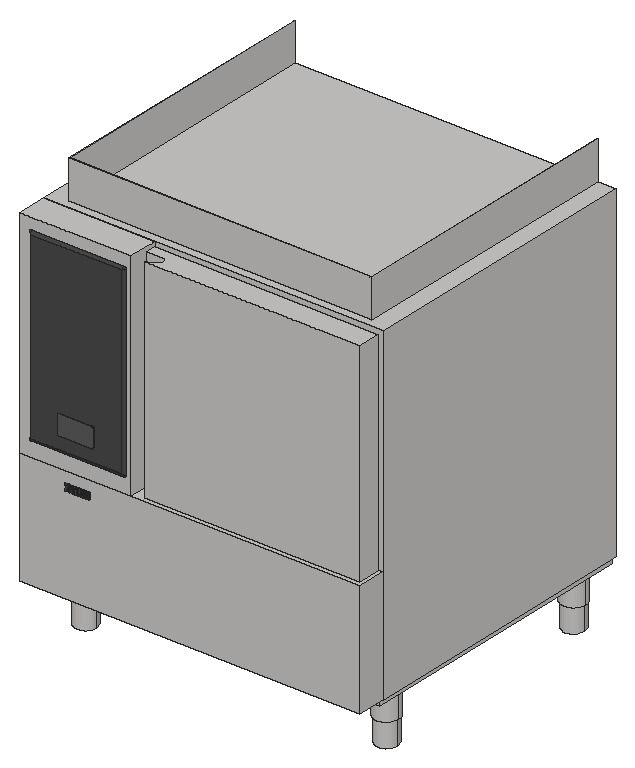
Revit family "QF_ZANUSSI_110545_ZBFA61WE", category Specialty Equipment, Revit 2018
Family settings
  Round Connector Dimension = Use Diameter
  Part Type = Normal
  Work Plane-Based = No
  Always vertical = Yes
  Cut with Voids When Loaded = No
  Shared = No
  Room Calculation Point = No
Parameters
  Weight = 0.00 kg
  Watts = 250.838 W
  Volts = 380 V
  URL Manufacturer = "http://www.zanussiprofessional.com"
  URL = "http://www.zanussiprofessional.com"
  Steam Supply Size = 0 mm
  Steam Supply Minimum Pressure = 0.0 Pa
  Steam Supply Maximum Pressure = 0.0 Pa
  Steam Pounds per Hour = 0
  Show Logo [instance] = yes
  Show Clearance [instance] = yes
  Refrigeration Suction Line Size = 0 mm
  Refrigeration Liquid Line Size = 0 mm
  Refrigerant Compressor Remote = yes
  Manufacturer = "Zanussi"
  Phase = 3
  Model = "ZBFA61WE"
  Length Actual = 897 mm  # constant formula
  Item Number = "110545"
  Hot Water Size = 0 mm
  Height Actual = 1020 mm  # constant formula
  HP = "3.6 HP"
  Gas Size = 0 mm
  Gas KW = 0
  Gas Input Pressure = 0 W
  Description = "RAPIDO BLAST CHILLER FREEZER 30/30KG 6 GN 1/1 - FOR TOWER EXECUTION"
  Depth Actual = 937 mm  # constant formula
  Cycle = 50 Hz
  Condensate Return Size = 0 mm
  Compressed Air Volume = 0.0 L/s
  Compressed Air Size = 0 mm
  Compressed Air Pressure = 0.0 Pa
  Cold Water Size = 0 mm
  Accessory = yes
Reference planes
  plane 1 "Center X": y = 126.851
  plane 2: z = 0
  plane 3 "Center Y": x = -311.5
  plane 4 "LEFT": x = -760
  plane 5 "BACK": y = 548.851
  plane 6 "RIGHT": x = 137
  plane 7 "FRONT": y = -295.149
  plane 8: z = 130
  plane 9: x = -708
  plane 10: y = 473.851
  plane 11: x = 85
  plane 12: y = -142.149
  plane 13: z = 1020.038
  plane 14: y = 641.851
  plane 15: y = -847.149
Forms (mm)
  Extrusion 1, solid, material "QF_Finishes_Stainless Steel"
    sketch origin (0, 0, 1060.038) x (-1, 0, 0) y (0, -1, 0)
      loop
        line (759, -548.851) -> (759, 216.149) -> (-136, 216.149) -> (-136, -548.851) -> (759, -548.851)
    from -40 to -910.018
  Extrusion 2, solid, material "QF_Finishes_Stainless Steel"
    sketch origin (0, -295.149, 0) x (-1, 0, 0) y (0, 0, 1)
      loop
        line (451.2, 1020.033) -> (-135.995, 1020.033) -> (-135.995, 462.497) -> (451.2, 462.497) -> (451.2, 1020.033)
    from 0 to 60
  Extrusion 3, void
    sketch origin (-759, -216.149, 1060.038) x (-1, 0, 0) y (0, 0, 1)
      loop
        line (-370.8, -100) -> (-826.8, -100) -> (-826.8, -491.98) -> (-370.8, -491.98) -> (-370.8, -100)
    from 0 to 703
  Extrusion 4, solid, material "QF_Finishes_Stainless Steel"
    sketch origin (-760, -0.954, 0) x (0, 1, 0) y (0, 0, 1)
      loop
        line (549.805, 694.306) -> (549.805, 392.314) -> (635.5, 399.789)
        arc (635.5, 399.789) -> (640.702, 402.354) -> (642.805, 407.759) r 8
        line (642.805, 407.759) -> (642.805, 433.233)
        arc (642.805, 433.233) -> (638.783, 442.547) -> (642.805, 451.86) r 12.795
        line (642.805, 451.86) -> (642.805, 483.24)
        arc (642.805, 483.24) -> (638.783, 492.554) -> (642.805, 501.867) r 12.795
        line (642.805, 501.867) -> (642.805, 533.247)
        arc (642.805, 533.247) -> (638.783, 542.56) -> (642.805, 551.874) r 12.795
        line (642.805, 551.874) -> (642.805, 583.254)
        arc (642.805, 583.254) -> (638.783, 592.567) -> (642.805, 601.881) r 12.795
        line (642.805, 601.881) -> (642.805, 634.796)
        arc (642.805, 634.796) -> (641.466, 639.795) -> (637.808, 643.455) r 10
        line (637.808, 643.455) -> (549.805, 694.306)
    from 123.244 to 306.92
  Extrusion 5, solid, material "QF_Finishes_Stainless Steel"
    sketch origin (-817.599, 548.851, 1060.038) x (1, 0, 0) y (0, 0, -1)
      loop
        circle (121.599, 802.038) r 10.5
    from 0 to 29
  Extrusion 6, solid, material "QF_Finishes_Stainless Steel"
    sketch origin (0, 0, 1060.038) x (-1, 0, 0) y (0, -1, 0)
      loop
        line (759, 295.149) -> (467.2, 295.149) -> (467.2, 217.149) -> (759, 217.149) -> (759, 295.149)
    from -40 to -607
  Extrusion 7, solid, material "QF_Finishes_Stainless Steel"
    sketch origin (-1206.916, -1524, 130) x (-1, 0, 0) y (0, -1, 0)
      loop
        line (-447.916, -1228.851) -> (-1342.916, -1228.851) -> (-1342.916, -1306.851) -> (-447.916, -1306.851) -> (-447.916, -1228.851)
    from 322 to 20.02
  Extrusion 8, solid, material "QF_Finishes_Stainless Steel"
    sketch origin (0, 0, 1060.038) x (-1, 0, 0) y (0, -1, 0)
      loop
        line (748.993, -548.851) -> (748.993, 214.216) -> (-125.993, 214.216) -> (-125.993, -548.851) -> (748.993, -548.851)
    from -910.018 to -930.038
  Extrusion 9, solid, material "QF_Finishes_Stainless Steel"
    sketch origin (0, 0, 130) x (0, -1, 0) y (-1, 0, 0)
      loop
        circle (-215.851, 360) r 9.5
    from 0 to 31.68
  Extrusion 10, void
    sketch origin (0, 0, 1060.038) x (-1, 0, 0) y (0, -1, 0)
      loop
        line (627.033, -641.851) -> (636.756, -641.851) -> (636.756, -548.851) -> (635.125, -548.851) -> (627.033, -641.851)
      loop
        line (454.711, -548.851) -> (453.08, -548.851) -> (453.08, -641.851) -> (462.803, -641.851) -> (454.711, -548.851)
    from -673 to -363
  Extrusion 11, solid, material "QF_Door-Drawer Clearances", visible <- "Show Clearance", detail levels coarse
    sketch origin (143, -393.449, 0) x (0, -1, 0) y (0, 0, 1)
      loop
        line (451.2, 1020.033) -> (-98.3, 1020.033) -> (-98.3, 462.497) -> (451.2, 462.497) -> (451.2, 1020.033)
    from 0 to 60
  Extrusion 12, solid, material "QF_Door-Drawer Clearances", visible <- "Show Clearance", detail levels coarse
    sketch origin (0, 0, 1060.038) x (-1, 0, 0) y (0, -1, 0)
      loop
        line (-83, 295.149) -> (451.2, 295.149)
        arc (451.2, 295.149) -> (290.883, 673.709) -> (-83, 844.649) r 567.425
        line (-83, 844.649) -> (-83, 295.149)
    from -597.541 to -40
  Extrusion 13, void
    sketch origin (0, 0, 0) x (1, 0, 0) y (0, 1, 0)
      loop
        line (-405.892, -262.922) -> (-451.2, -262.922) -> (-451.2, -295.149) -> (-429.238, -295.149) -> (-401.532, -278.514)
        arc (-401.532, -278.514) -> (-397.768, -269.056) -> (-405.892, -262.922) r 8.395
    from 462.497 to 1020.033
  Extrusion 14, void
    sketch origin (-152.149, -393.449, 0) x (0, 1, 0) y (-1, 0, 0)
      loop
        line (-405.892, -262.922) -> (-451.2, -262.922) -> (-451.2, -295.149) -> (-429.238, -295.149) -> (-401.532, -278.514)
        arc (-401.532, -278.514) -> (-397.768, -269.056) -> (-405.892, -262.922) r 8.395
    from 462.497 to 1020.033
  Extrusion 15, solid, material "QF_Finishes_Stainless Steel"
    sketch origin (-19, -1, 0) x (1, 0, 0) y (0, 1, 0)
      loop
        line (-690, -190.149) -> (-690, 549.851) -> (-692, 549.851) -> (-692, -192.149) -> (107, -192.149) -> (107, 549.851) -> (105, 549.851) -> (105, -190.149) -> (-690, -190.149)
    from 1020.038 to 1120.038
Cuts and joins
  Extrusion 3 cuts Extrusion 1
  Extrusion 10 cuts Extrusion 4
  joined: Extrusion 1, Extrusion 4, Extrusion 5, Extrusion 8, Extrusion 9, Extrusion 15
  Extrusion 14 cuts Extrusion 11
  joined: Extrusion 11, Extrusion 12
  Extrusion 13, Extrusion 14 cuts Extrusion 7
  Extrusion 13 cuts Extrusion 2
Lines and regions (mm)
  Split face 1
    outline origin (-489, -295.149, 130) x (-1, 0, 0) y (0, 0, -1)
      loop
        line (-132.388, -290.639) -> (-22.373, -290.639) -> (-22.373, -285.612) -> (-132.388, -285.612) -> (-132.388, -290.639)
  Split face 2
    outline origin (-489, -295.149, 120.528) x (-1, 0, 0) y (0, 0, -1)
      loop
        line (-132.388, -290.639) -> (-22.373, -290.639) -> (-22.373, -285.612) -> (-132.388, -285.612) -> (-132.388, -290.639)
  Split face 3
    outline origin (-489, -295.149, 111.056) x (-1, 0, 0) y (0, 0, -1)
      loop
        line (-132.388, -290.639) -> (-22.373, -290.639) -> (-22.373, -285.612) -> (-132.388, -285.612) -> (-132.388, -290.639)
  Split face 4
    outline origin (-489, -295.149, 101.583) x (-1, 0, 0) y (0, 0, -1)
      loop
        line (-132.388, -290.639) -> (-22.373, -290.639) -> (-22.373, -285.612) -> (-132.388, -285.612) -> (-132.388, -290.639)
  Split face 5
    outline origin (-489, -295.149, 92.111) x (-1, 0, 0) y (0, 0, -1)
      loop
        line (-132.388, -290.639) -> (-22.373, -290.639) -> (-22.373, -285.612) -> (-132.388, -285.612) -> (-132.388, -290.639)
  Split face 6
    outline origin (-489, -295.149, 82.639) x (-1, 0, 0) y (0, 0, -1)
      loop
        line (-132.388, -290.639) -> (-22.373, -290.639) -> (-22.373, -285.612) -> (-132.388, -285.612) -> (-132.388, -290.639)
  Split face 7
    outline origin (-489, -295.149, 73.167) x (-1, 0, 0) y (0, 0, -1)
      loop
        line (-132.388, -290.639) -> (-22.373, -290.639) -> (-22.373, -285.612) -> (-132.388, -285.612) -> (-132.388, -290.639)
  Split face 8
    outline origin (-489, -295.149, 63.695) x (-1, 0, 0) y (0, 0, -1)
      loop
        line (-132.388, -290.639) -> (-22.373, -290.639) -> (-22.373, -285.612) -> (-132.388, -285.612) -> (-132.388, -290.639)
  Split face 9
    outline origin (-489, -295.149, 54.223) x (-1, 0, 0) y (0, 0, -1)
      loop
        line (-132.388, -290.639) -> (-22.373, -290.639) -> (-22.373, -285.612) -> (-132.388, -285.612) -> (-132.388, -290.639)
  Split face 10
    outline origin (-489, -295.149, 44.75) x (-1, 0, 0) y (0, 0, -1)
      loop
        line (-132.388, -290.639) -> (-22.373, -290.639) -> (-22.373, -285.612) -> (-132.388, -285.612) -> (-132.388, -290.639)
  Split face 11
    outline origin (-489, -295.149, 35.278) x (-1, 0, 0) y (0, 0, -1)
      loop
        line (-132.388, -290.639) -> (-22.373, -290.639) -> (-22.373, -285.612) -> (-132.388, -285.612) -> (-132.388, -290.639)
  Split face 12
    outline origin (-489, -295.149, 25.806) x (-1, 0, 0) y (0, 0, -1)
      loop
        line (-132.388, -290.639) -> (-22.373, -290.639) -> (-22.373, -285.612) -> (-132.388, -285.612) -> (-132.388, -290.639)
  Split face 13
    outline origin (-489, -295.149, 16.334) x (-1, 0, 0) y (0, 0, -1)
      loop
        line (-132.388, -290.639) -> (-22.373, -290.639) -> (-22.373, -285.612) -> (-132.388, -285.612) -> (-132.388, -290.639)
  Split face 14
    outline origin (-489, -295.149, 6.862) x (-1, 0, 0) y (0, 0, -1)
      loop
        line (-132.388, -290.639) -> (-22.373, -290.639) -> (-22.373, -285.612) -> (-132.388, -285.612) -> (-132.388, -290.639)
  Split face 15
    outline origin (-489, -295.149, -2.611) x (-1, 0, 0) y (0, 0, -1)
      loop
        line (-132.388, -290.639) -> (-22.373, -290.639) -> (-22.373, -285.612) -> (-132.388, -285.612) -> (-132.388, -290.639)
  Split face 16
    outline origin (-489, -295.149, -12.083) x (-1, 0, 0) y (0, 0, -1)
      loop
        line (-132.388, -290.639) -> (-22.373, -290.639) -> (-22.373, -285.612) -> (-132.388, -285.612) -> (-132.388, -290.639)
  Split face 17
    outline origin (-489, -295.149, -21.555) x (-1, 0, 0) y (0, 0, -1)
      loop
        line (-132.388, -290.639) -> (-22.373, -290.639) -> (-22.373, -285.612) -> (-132.388, -285.612) -> (-132.388, -290.639)
  Split face 18
    outline origin (-489, -295.149, -31.027) x (-1, 0, 0) y (0, 0, -1)
      loop
        line (-132.388, -290.639) -> (-22.373, -290.639) -> (-22.373, -285.612) -> (-132.388, -285.612) -> (-132.388, -290.639)
  Split face 19
    outline origin (-489, -295.149, -40.499) x (-1, 0, 0) y (0, 0, -1)
      loop
        line (-132.388, -290.639) -> (-22.373, -290.639) -> (-22.373, -285.612) -> (-132.388, -285.612) -> (-132.388, -290.639)
  Split face 20
    outline origin (-489, -295.149, -49.972) x (-1, 0, 0) y (0, 0, -1)
      loop
        line (-132.388, -290.639) -> (-22.373, -290.639) -> (-22.373, -285.612) -> (-132.388, -285.612) -> (-132.388, -290.639)
  Split face 21
    outline origin (-489, -295.149, -59.444) x (-1, 0, 0) y (0, 0, -1)
      loop
        line (-132.388, -290.639) -> (-22.373, -290.639) -> (-22.373, -285.612) -> (-132.388, -285.612) -> (-132.388, -290.639)
  Split face 22
    outline origin (-489, -295.149, -68.916) x (-1, 0, 0) y (0, 0, -1)
      loop
        line (-132.388, -290.639) -> (-22.373, -290.639) -> (-22.373, -285.612) -> (-132.388, -285.612) -> (-132.388, -290.639)
  Split face 23
    outline origin (-489, -295.149, -78.388) x (-1, 0, 0) y (0, 0, -1)
      loop
        line (-132.388, -290.639) -> (-22.373, -290.639) -> (-22.373, -285.612) -> (-132.388, -285.612) -> (-132.388, -290.639)
  Split face 24
    outline origin (-489, -295.149, -87.86) x (-1, 0, 0) y (0, 0, -1)
      loop
        line (-132.388, -290.639) -> (-22.373, -290.639) -> (-22.373, -285.612) -> (-132.388, -285.612) -> (-132.388, -290.639)
  Split face 25
    outline origin (-489, -295.149, -97.332) x (-1, 0, 0) y (0, 0, -1)
      loop
        line (-132.388, -290.639) -> (-22.373, -290.639) -> (-22.373, -285.612) -> (-132.388, -285.612) -> (-132.388, -290.639)
  Split face 26
    outline origin (-489, -295.149, -106.805) x (-1, 0, 0) y (0, 0, -1)
      loop
        line (-132.388, -290.639) -> (-22.373, -290.639) -> (-22.373, -285.612) -> (-132.388, -285.612) -> (-132.388, -290.639)
  Split face 27
    outline origin (-373.984, -295.149, 130) x (-1, 0, 0) y (0, 0, -1)
      loop
        line (-132.388, -290.639) -> (-22.373, -290.639) -> (-22.373, -285.612) -> (-132.388, -285.612) -> (-132.388, -290.639)
  Split face 28
    outline origin (-373.984, -295.149, 120.528) x (-1, 0, 0) y (0, 0, -1)
      loop
        line (-132.388, -290.639) -> (-22.373, -290.639) -> (-22.373, -285.612) -> (-132.388, -285.612) -> (-132.388, -290.639)
  Split face 29
    outline origin (-373.984, -295.149, 111.056) x (-1, 0, 0) y (0, 0, -1)
      loop
        line (-132.388, -290.639) -> (-22.373, -290.639) -> (-22.373, -285.612) -> (-132.388, -285.612) -> (-132.388, -290.639)
  Split face 30
    outline origin (-373.984, -295.149, 101.583) x (-1, 0, 0) y (0, 0, -1)
      loop
        line (-132.388, -290.639) -> (-22.373, -290.639) -> (-22.373, -285.612) -> (-132.388, -285.612) -> (-132.388, -290.639)
  Split face 31
    outline origin (-373.984, -295.149, 92.111) x (-1, 0, 0) y (0, 0, -1)
      loop
        line (-132.388, -290.639) -> (-22.373, -290.639) -> (-22.373, -285.612) -> (-132.388, -285.612) -> (-132.388, -290.639)
  Split face 32
    outline origin (-373.984, -295.149, 82.639) x (-1, 0, 0) y (0, 0, -1)
      loop
        line (-132.388, -290.639) -> (-22.373, -290.639) -> (-22.373, -285.612) -> (-132.388, -285.612) -> (-132.388, -290.639)
  Split face 33
    outline origin (-373.984, -295.149, 73.167) x (-1, 0, 0) y (0, 0, -1)
      loop
        line (-132.388, -290.639) -> (-22.373, -290.639) -> (-22.373, -285.612) -> (-132.388, -285.612) -> (-132.388, -290.639)
  Split face 34
    outline origin (-373.984, -295.149, 63.695) x (-1, 0, 0) y (0, 0, -1)
      loop
        line (-132.388, -290.639) -> (-22.373, -290.639) -> (-22.373, -285.612) -> (-132.388, -285.612) -> (-132.388, -290.639)
  Split face 35
    outline origin (-373.984, -295.149, 54.223) x (-1, 0, 0) y (0, 0, -1)
      loop
        line (-132.388, -290.639) -> (-22.373, -290.639) -> (-22.373, -285.612) -> (-132.388, -285.612) -> (-132.388, -290.639)
  Split face 36
    outline origin (-373.984, -295.149, 44.75) x (-1, 0, 0) y (0, 0, -1)
      loop
        line (-132.388, -290.639) -> (-22.373, -290.639) -> (-22.373, -285.612) -> (-132.388, -285.612) -> (-132.388, -290.639)
  Split face 37
    outline origin (-373.984, -295.149, 35.278) x (-1, 0, 0) y (0, 0, -1)
      loop
        line (-132.388, -290.639) -> (-22.373, -290.639) -> (-22.373, -285.612) -> (-132.388, -285.612) -> (-132.388, -290.639)
  Split face 38
    outline origin (-373.984, -295.149, 25.806) x (-1, 0, 0) y (0, 0, -1)
      loop
        line (-132.388, -290.639) -> (-22.373, -290.639) -> (-22.373, -285.612) -> (-132.388, -285.612) -> (-132.388, -290.639)
  Split face 39
    outline origin (-373.984, -295.149, 16.334) x (-1, 0, 0) y (0, 0, -1)
      loop
        line (-132.388, -290.639) -> (-22.373, -290.639) -> (-22.373, -285.612) -> (-132.388, -285.612) -> (-132.388, -290.639)
  Split face 40
    outline origin (-373.984, -295.149, 6.862) x (-1, 0, 0) y (0, 0, -1)
      loop
        line (-132.388, -290.639) -> (-22.373, -290.639) -> (-22.373, -285.612) -> (-132.388, -285.612) -> (-132.388, -290.639)
  Split face 41
    outline origin (-373.984, -295.149, -2.611) x (-1, 0, 0) y (0, 0, -1)
      loop
        line (-132.388, -290.639) -> (-22.373, -290.639) -> (-22.373, -285.612) -> (-132.388, -285.612) -> (-132.388, -290.639)
  Split face 42
    outline origin (-373.984, -295.149, -12.083) x (-1, 0, 0) y (0, 0, -1)
      loop
        line (-132.388, -290.639) -> (-22.373, -290.639) -> (-22.373, -285.612) -> (-132.388, -285.612) -> (-132.388, -290.639)
  Split face 43
    outline origin (-373.984, -295.149, -21.555) x (-1, 0, 0) y (0, 0, -1)
      loop
        line (-132.388, -290.639) -> (-22.373, -290.639) -> (-22.373, -285.612) -> (-132.388, -285.612) -> (-132.388, -290.639)
  Split face 44
    outline origin (-373.984, -295.149, -31.027) x (-1, 0, 0) y (0, 0, -1)
      loop
        line (-132.388, -290.639) -> (-22.373, -290.639) -> (-22.373, -285.612) -> (-132.388, -285.612) -> (-132.388, -290.639)
  Split face 45
    outline origin (-373.984, -295.149, -40.499) x (-1, 0, 0) y (0, 0, -1)
      loop
        line (-132.388, -290.639) -> (-22.373, -290.639) -> (-22.373, -285.612) -> (-132.388, -285.612) -> (-132.388, -290.639)
  Split face 46
    outline origin (-373.984, -295.149, -49.972) x (-1, 0, 0) y (0, 0, -1)
      loop
        line (-132.388, -290.639) -> (-22.373, -290.639) -> (-22.373, -285.612) -> (-132.388, -285.612) -> (-132.388, -290.639)
  Split face 47
    outline origin (-373.984, -295.149, -59.444) x (-1, 0, 0) y (0, 0, -1)
      loop
        line (-132.388, -290.639) -> (-22.373, -290.639) -> (-22.373, -285.612) -> (-132.388, -285.612) -> (-132.388, -290.639)
  Split face 48
    outline origin (-373.984, -295.149, -68.916) x (-1, 0, 0) y (0, 0, -1)
      loop
        line (-132.388, -290.639) -> (-22.373, -290.639) -> (-22.373, -285.612) -> (-132.388, -285.612) -> (-132.388, -290.639)
  Split face 49
    outline origin (-373.984, -295.149, -78.388) x (-1, 0, 0) y (0, 0, -1)
      loop
        line (-132.388, -290.639) -> (-22.373, -290.639) -> (-22.373, -285.612) -> (-132.388, -285.612) -> (-132.388, -290.639)
  Split face 50
    outline origin (-373.984, -295.149, -87.86) x (-1, 0, 0) y (0, 0, -1)
      loop
        line (-132.388, -290.639) -> (-22.373, -290.639) -> (-22.373, -285.612) -> (-132.388, -285.612) -> (-132.388, -290.639)
  Split face 51
    outline origin (-373.984, -295.149, -97.332) x (-1, 0, 0) y (0, 0, -1)
      loop
        line (-132.388, -290.639) -> (-22.373, -290.639) -> (-22.373, -285.612) -> (-132.388, -285.612) -> (-132.388, -290.639)
  Split face 52
    outline origin (-373.984, -295.149, -106.805) x (-1, 0, 0) y (0, 0, -1)
      loop
        line (-132.388, -290.639) -> (-22.373, -290.639) -> (-22.373, -285.612) -> (-132.388, -285.612) -> (-132.388, -290.639)
  Split face 53
    outline origin (-258.969, -295.149, 130) x (-1, 0, 0) y (0, 0, -1)
      loop
        line (-132.388, -290.639) -> (-22.373, -290.639) -> (-22.373, -285.612) -> (-132.388, -285.612) -> (-132.388, -290.639)
  Split face 54
    outline origin (-258.969, -295.149, 120.528) x (-1, 0, 0) y (0, 0, -1)
      loop
        line (-132.388, -290.639) -> (-22.373, -290.639) -> (-22.373, -285.612) -> (-132.388, -285.612) -> (-132.388, -290.639)
  Split face 55
    outline origin (-258.969, -295.149, 111.056) x (-1, 0, 0) y (0, 0, -1)
      loop
        line (-132.388, -290.639) -> (-22.373, -290.639) -> (-22.373, -285.612) -> (-132.388, -285.612) -> (-132.388, -290.639)
  Split face 56
    outline origin (-258.969, -295.149, 101.583) x (-1, 0, 0) y (0, 0, -1)
      loop
        line (-132.388, -290.639) -> (-22.373, -290.639) -> (-22.373, -285.612) -> (-132.388, -285.612) -> (-132.388, -290.639)
  Split face 57
    outline origin (-258.969, -295.149, 92.111) x (-1, 0, 0) y (0, 0, -1)
      loop
        line (-132.388, -290.639) -> (-22.373, -290.639) -> (-22.373, -285.612) -> (-132.388, -285.612) -> (-132.388, -290.639)
  Split face 58
    outline origin (-258.969, -295.149, 82.639) x (-1, 0, 0) y (0, 0, -1)
      loop
        line (-132.388, -290.639) -> (-22.373, -290.639) -> (-22.373, -285.612) -> (-132.388, -285.612) -> (-132.388, -290.639)
  Split face 59
    outline origin (-258.969, -295.149, 73.167) x (-1, 0, 0) y (0, 0, -1)
      loop
        line (-132.388, -290.639) -> (-22.373, -290.639) -> (-22.373, -285.612) -> (-132.388, -285.612) -> (-132.388, -290.639)
  Split face 60
    outline origin (-258.969, -295.149, 63.695) x (-1, 0, 0) y (0, 0, -1)
      loop
        line (-132.388, -290.639) -> (-22.373, -290.639) -> (-22.373, -285.612) -> (-132.388, -285.612) -> (-132.388, -290.639)
  Split face 61
    outline origin (-258.969, -295.149, 54.223) x (-1, 0, 0) y (0, 0, -1)
      loop
        line (-132.388, -290.639) -> (-22.373, -290.639) -> (-22.373, -285.612) -> (-132.388, -285.612) -> (-132.388, -290.639)
  Split face 62
    outline origin (-258.969, -295.149, 44.75) x (-1, 0, 0) y (0, 0, -1)
      loop
        line (-132.388, -290.639) -> (-22.373, -290.639) -> (-22.373, -285.612) -> (-132.388, -285.612) -> (-132.388, -290.639)
  Split face 63
    outline origin (-258.969, -295.149, 35.278) x (-1, 0, 0) y (0, 0, -1)
      loop
        line (-132.388, -290.639) -> (-22.373, -290.639) -> (-22.373, -285.612) -> (-132.388, -285.612) -> (-132.388, -290.639)
  Split face 64
    outline origin (-258.969, -295.149, 25.806) x (-1, 0, 0) y (0, 0, -1)
      loop
        line (-132.388, -290.639) -> (-22.373, -290.639) -> (-22.373, -285.612) -> (-132.388, -285.612) -> (-132.388, -290.639)
  Split face 65
    outline origin (-258.969, -295.149, 16.334) x (-1, 0, 0) y (0, 0, -1)
      loop
        line (-132.388, -290.639) -> (-22.373, -290.639) -> (-22.373, -285.612) -> (-132.388, -285.612) -> (-132.388, -290.639)
  Split face 66
    outline origin (-258.969, -295.149, 6.862) x (-1, 0, 0) y (0, 0, -1)
      loop
        line (-132.388, -290.639) -> (-22.373, -290.639) -> (-22.373, -285.612) -> (-132.388, -285.612) -> (-132.388, -290.639)
  Split face 67
    outline origin (-258.969, -295.149, -2.611) x (-1, 0, 0) y (0, 0, -1)
      loop
        line (-132.388, -290.639) -> (-22.373, -290.639) -> (-22.373, -285.612) -> (-132.388, -285.612) -> (-132.388, -290.639)
  Split face 68
    outline origin (-258.969, -295.149, -12.083) x (-1, 0, 0) y (0, 0, -1)
      loop
        line (-132.388, -290.639) -> (-22.373, -290.639) -> (-22.373, -285.612) -> (-132.388, -285.612) -> (-132.388, -290.639)
  Split face 69
    outline origin (-258.969, -295.149, -21.555) x (-1, 0, 0) y (0, 0, -1)
      loop
        line (-132.388, -290.639) -> (-22.373, -290.639) -> (-22.373, -285.612) -> (-132.388, -285.612) -> (-132.388, -290.639)
  Split face 70
    outline origin (-258.969, -295.149, -31.027) x (-1, 0, 0) y (0, 0, -1)
      loop
        line (-132.388, -290.639) -> (-22.373, -290.639) -> (-22.373, -285.612) -> (-132.388, -285.612) -> (-132.388, -290.639)
  Split face 71
    outline origin (-258.969, -295.149, -40.499) x (-1, 0, 0) y (0, 0, -1)
      loop
        line (-132.388, -290.639) -> (-22.373, -290.639) -> (-22.373, -285.612) -> (-132.388, -285.612) -> (-132.388, -290.639)
  Split face 72
    outline origin (-258.969, -295.149, -49.972) x (-1, 0, 0) y (0, 0, -1)
      loop
        line (-132.388, -290.639) -> (-22.373, -290.639) -> (-22.373, -285.612) -> (-132.388, -285.612) -> (-132.388, -290.639)
  Split face 73
    outline origin (-258.969, -295.149, -59.444) x (-1, 0, 0) y (0, 0, -1)
      loop
        line (-132.388, -290.639) -> (-22.373, -290.639) -> (-22.373, -285.612) -> (-132.388, -285.612) -> (-132.388, -290.639)
  Split face 74
    outline origin (-258.969, -295.149, -68.916) x (-1, 0, 0) y (0, 0, -1)
      loop
        line (-132.388, -290.639) -> (-22.373, -290.639) -> (-22.373, -285.612) -> (-132.388, -285.612) -> (-132.388, -290.639)
  Split face 75
    outline origin (-258.969, -295.149, -78.388) x (-1, 0, 0) y (0, 0, -1)
      loop
        line (-132.388, -290.639) -> (-22.373, -290.639) -> (-22.373, -285.612) -> (-132.388, -285.612) -> (-132.388, -290.639)
  Split face 76
    outline origin (-258.969, -295.149, -87.86) x (-1, 0, 0) y (0, 0, -1)
      loop
        line (-132.388, -290.639) -> (-22.373, -290.639) -> (-22.373, -285.612) -> (-132.388, -285.612) -> (-132.388, -290.639)
  Split face 77
    outline origin (-258.969, -295.149, -97.332) x (-1, 0, 0) y (0, 0, -1)
      loop
        line (-132.388, -290.639) -> (-22.373, -290.639) -> (-22.373, -285.612) -> (-132.388, -285.612) -> (-132.388, -290.639)
  Split face 78
    outline origin (-258.969, -295.149, -106.805) x (-1, 0, 0) y (0, 0, -1)
      loop
        line (-132.388, -290.639) -> (-22.373, -290.639) -> (-22.373, -285.612) -> (-132.388, -285.612) -> (-132.388, -290.639)
  Split face 79
    outline origin (-143.953, -295.149, 130) x (-1, 0, 0) y (0, 0, -1)
      loop
        line (-132.388, -290.639) -> (-22.373, -290.639) -> (-22.373, -285.612) -> (-132.388, -285.612) -> (-132.388, -290.639)
  Split face 80
    outline origin (-143.953, -295.149, 120.528) x (-1, 0, 0) y (0, 0, -1)
      loop
        line (-132.388, -290.639) -> (-22.373, -290.639) -> (-22.373, -285.612) -> (-132.388, -285.612) -> (-132.388, -290.639)
  Split face 81
    outline origin (-143.953, -295.149, 111.056) x (-1, 0, 0) y (0, 0, -1)
      loop
        line (-132.388, -290.639) -> (-22.373, -290.639) -> (-22.373, -285.612) -> (-132.388, -285.612) -> (-132.388, -290.639)
  Split face 82
    outline origin (-143.953, -295.149, 101.583) x (-1, 0, 0) y (0, 0, -1)
      loop
        line (-132.388, -290.639) -> (-22.373, -290.639) -> (-22.373, -285.612) -> (-132.388, -285.612) -> (-132.388, -290.639)
  Split face 83
    outline origin (-143.953, -295.149, 92.111) x (-1, 0, 0) y (0, 0, -1)
      loop
        line (-132.388, -290.639) -> (-22.373, -290.639) -> (-22.373, -285.612) -> (-132.388, -285.612) -> (-132.388, -290.639)
  Split face 84
    outline origin (-143.953, -295.149, 82.639) x (-1, 0, 0) y (0, 0, -1)
      loop
        line (-132.388, -290.639) -> (-22.373, -290.639) -> (-22.373, -285.612) -> (-132.388, -285.612) -> (-132.388, -290.639)
  Split face 85
    outline origin (-143.953, -295.149, 73.167) x (-1, 0, 0) y (0, 0, -1)
      loop
        line (-132.388, -290.639) -> (-22.373, -290.639) -> (-22.373, -285.612) -> (-132.388, -285.612) -> (-132.388, -290.639)
  Split face 86
    outline origin (-143.953, -295.149, 63.695) x (-1, 0, 0) y (0, 0, -1)
      loop
        line (-132.388, -290.639) -> (-22.373, -290.639) -> (-22.373, -285.612) -> (-132.388, -285.612) -> (-132.388, -290.639)
  Split face 87
    outline origin (-143.953, -295.149, 54.223) x (-1, 0, 0) y (0, 0, -1)
      loop
        line (-132.388, -290.639) -> (-22.373, -290.639) -> (-22.373, -285.612) -> (-132.388, -285.612) -> (-132.388, -290.639)
  Split face 88
    outline origin (-143.953, -295.149, 44.75) x (-1, 0, 0) y (0, 0, -1)
      loop
        line (-132.388, -290.639) -> (-22.373, -290.639) -> (-22.373, -285.612) -> (-132.388, -285.612) -> (-132.388, -290.639)
  Split face 89
    outline origin (-143.953, -295.149, 35.278) x (-1, 0, 0) y (0, 0, -1)
      loop
        line (-132.388, -290.639) -> (-22.373, -290.639) -> (-22.373, -285.612) -> (-132.388, -285.612) -> (-132.388, -290.639)
  Split face 90
    outline origin (-143.953, -295.149, 25.806) x (-1, 0, 0) y (0, 0, -1)
      loop
        line (-132.388, -290.639) -> (-22.373, -290.639) -> (-22.373, -285.612) -> (-132.388, -285.612) -> (-132.388, -290.639)
  Split face 91
    outline origin (-143.953, -295.149, 16.334) x (-1, 0, 0) y (0, 0, -1)
      loop
        line (-132.388, -290.639) -> (-22.373, -290.639) -> (-22.373, -285.612) -> (-132.388, -285.612) -> (-132.388, -290.639)
  Split face 92
    outline origin (-143.953, -295.149, 6.862) x (-1, 0, 0) y (0, 0, -1)
      loop
        line (-132.388, -290.639) -> (-22.373, -290.639) -> (-22.373, -285.612) -> (-132.388, -285.612) -> (-132.388, -290.639)
  Split face 93
    outline origin (-143.953, -295.149, -2.611) x (-1, 0, 0) y (0, 0, -1)
      loop
        line (-132.388, -290.639) -> (-22.373, -290.639) -> (-22.373, -285.612) -> (-132.388, -285.612) -> (-132.388, -290.639)
  Split face 94
    outline origin (-143.953, -295.149, -12.083) x (-1, 0, 0) y (0, 0, -1)
      loop
        line (-132.388, -290.639) -> (-22.373, -290.639) -> (-22.373, -285.612) -> (-132.388, -285.612) -> (-132.388, -290.639)
  Split face 95
    outline origin (-143.953, -295.149, -21.555) x (-1, 0, 0) y (0, 0, -1)
      loop
        line (-132.388, -290.639) -> (-22.373, -290.639) -> (-22.373, -285.612) -> (-132.388, -285.612) -> (-132.388, -290.639)
  Split face 96
    outline origin (-143.953, -295.149, -31.027) x (-1, 0, 0) y (0, 0, -1)
      loop
        line (-132.388, -290.639) -> (-22.373, -290.639) -> (-22.373, -285.612) -> (-132.388, -285.612) -> (-132.388, -290.639)
  Split face 97
    outline origin (-143.953, -295.149, -40.499) x (-1, 0, 0) y (0, 0, -1)
      loop
        line (-132.388, -290.639) -> (-22.373, -290.639) -> (-22.373, -285.612) -> (-132.388, -285.612) -> (-132.388, -290.639)
  Split face 98
    outline origin (-143.953, -295.149, -49.972) x (-1, 0, 0) y (0, 0, -1)
      loop
        line (-132.388, -290.639) -> (-22.373, -290.639) -> (-22.373, -285.612) -> (-132.388, -285.612) -> (-132.388, -290.639)
  Split face 99
    outline origin (-143.953, -295.149, -59.444) x (-1, 0, 0) y (0, 0, -1)
      loop
        line (-132.388, -290.639) -> (-22.373, -290.639) -> (-22.373, -285.612) -> (-132.388, -285.612) -> (-132.388, -290.639)
  Split face 100
    outline origin (-143.953, -295.149, -68.916) x (-1, 0, 0) y (0, 0, -1)
      loop
        line (-132.388, -290.639) -> (-22.373, -290.639) -> (-22.373, -285.612) -> (-132.388, -285.612) -> (-132.388, -290.639)
  Split face 101
    outline origin (-143.953, -295.149, -78.388) x (-1, 0, 0) y (0, 0, -1)
      loop
        line (-132.388, -290.639) -> (-22.373, -290.639) -> (-22.373, -285.612) -> (-132.388, -285.612) -> (-132.388, -290.639)
  Split face 102
    outline origin (-143.953, -295.149, -87.86) x (-1, 0, 0) y (0, 0, -1)
      loop
        line (-132.388, -290.639) -> (-22.373, -290.639) -> (-22.373, -285.612) -> (-132.388, -285.612) -> (-132.388, -290.639)
  Split face 103
    outline origin (-143.953, -295.149, -97.332) x (-1, 0, 0) y (0, 0, -1)
      loop
        line (-132.388, -290.639) -> (-22.373, -290.639) -> (-22.373, -285.612) -> (-132.388, -285.612) -> (-132.388, -290.639)
  Split face 104
    outline origin (-143.953, -295.149, -106.805) x (-1, 0, 0) y (0, 0, -1)
      loop
        line (-132.388, -290.639) -> (-22.373, -290.639) -> (-22.373, -285.612) -> (-132.388, -285.612) -> (-132.388, -290.639)
  Split face 105
    outline origin (-28.938, -295.149, 130) x (-1, 0, 0) y (0, 0, -1)
      loop
        line (-132.388, -290.639) -> (-22.373, -290.639) -> (-22.373, -285.612) -> (-132.388, -285.612) -> (-132.388, -290.639)
  Split face 106
    outline origin (-28.938, -295.149, 120.528) x (-1, 0, 0) y (0, 0, -1)
      loop
        line (-132.388, -290.639) -> (-22.373, -290.639) -> (-22.373, -285.612) -> (-132.388, -285.612) -> (-132.388, -290.639)
  Split face 107
    outline origin (-28.938, -295.149, 111.056) x (-1, 0, 0) y (0, 0, -1)
      loop
        line (-132.388, -290.639) -> (-22.373, -290.639) -> (-22.373, -285.612) -> (-132.388, -285.612) -> (-132.388, -290.639)
  Split face 108
    outline origin (-28.938, -295.149, 101.583) x (-1, 0, 0) y (0, 0, -1)
      loop
        line (-132.388, -290.639) -> (-22.373, -290.639) -> (-22.373, -285.612) -> (-132.388, -285.612) -> (-132.388, -290.639)
  Split face 109
    outline origin (-28.938, -295.149, 92.111) x (-1, 0, 0) y (0, 0, -1)
      loop
        line (-132.388, -290.639) -> (-22.373, -290.639) -> (-22.373, -285.612) -> (-132.388, -285.612) -> (-132.388, -290.639)
  Split face 110
    outline origin (-28.938, -295.149, 82.639) x (-1, 0, 0) y (0, 0, -1)
      loop
        line (-132.388, -290.639) -> (-22.373, -290.639) -> (-22.373, -285.612) -> (-132.388, -285.612) -> (-132.388, -290.639)
  Split face 111
    outline origin (-28.938, -295.149, 73.167) x (-1, 0, 0) y (0, 0, -1)
      loop
        line (-132.388, -290.639) -> (-22.373, -290.639) -> (-22.373, -285.612) -> (-132.388, -285.612) -> (-132.388, -290.639)
  Split face 112
    outline origin (-28.938, -295.149, 63.695) x (-1, 0, 0) y (0, 0, -1)
      loop
        line (-132.388, -290.639) -> (-22.373, -290.639) -> (-22.373, -285.612) -> (-132.388, -285.612) -> (-132.388, -290.639)
  Split face 113
    outline origin (-28.938, -295.149, 54.223) x (-1, 0, 0) y (0, 0, -1)
      loop
        line (-132.388, -290.639) -> (-22.373, -290.639) -> (-22.373, -285.612) -> (-132.388, -285.612) -> (-132.388, -290.639)
  Split face 114
    outline origin (-28.938, -295.149, 44.75) x (-1, 0, 0) y (0, 0, -1)
      loop
        line (-132.388, -290.639) -> (-22.373, -290.639) -> (-22.373, -285.612) -> (-132.388, -285.612) -> (-132.388, -290.639)
  Split face 115
    outline origin (-28.938, -295.149, 35.278) x (-1, 0, 0) y (0, 0, -1)
      loop
        line (-132.388, -290.639) -> (-22.373, -290.639) -> (-22.373, -285.612) -> (-132.388, -285.612) -> (-132.388, -290.639)
  Split face 116
    outline origin (-28.938, -295.149, 25.806) x (-1, 0, 0) y (0, 0, -1)
      loop
        line (-132.388, -290.639) -> (-22.373, -290.639) -> (-22.373, -285.612) -> (-132.388, -285.612) -> (-132.388, -290.639)
  Split face 117
    outline origin (-28.938, -295.149, 16.334) x (-1, 0, 0) y (0, 0, -1)
      loop
        line (-132.388, -290.639) -> (-22.373, -290.639) -> (-22.373, -285.612) -> (-132.388, -285.612) -> (-132.388, -290.639)
  Split face 118
    outline origin (-28.938, -295.149, 6.862) x (-1, 0, 0) y (0, 0, -1)
      loop
        line (-132.388, -290.639) -> (-22.373, -290.639) -> (-22.373, -285.612) -> (-132.388, -285.612) -> (-132.388, -290.639)
  Split face 119
    outline origin (-28.938, -295.149, -2.611) x (-1, 0, 0) y (0, 0, -1)
      loop
        line (-132.388, -290.639) -> (-22.373, -290.639) -> (-22.373, -285.612) -> (-132.388, -285.612) -> (-132.388, -290.639)
  Split face 120
    outline origin (-28.938, -295.149, -12.083) x (-1, 0, 0) y (0, 0, -1)
      loop
        line (-132.388, -290.639) -> (-22.373, -290.639) -> (-22.373, -285.612) -> (-132.388, -285.612) -> (-132.388, -290.639)
  Split face 121
    outline origin (-28.938, -295.149, -21.555) x (-1, 0, 0) y (0, 0, -1)
      loop
        line (-132.388, -290.639) -> (-22.373, -290.639) -> (-22.373, -285.612) -> (-132.388, -285.612) -> (-132.388, -290.639)
  Split face 122
    outline origin (-28.938, -295.149, -31.027) x (-1, 0, 0) y (0, 0, -1)
      loop
        line (-132.388, -290.639) -> (-22.373, -290.639) -> (-22.373, -285.612) -> (-132.388, -285.612) -> (-132.388, -290.639)
  Split face 123
    outline origin (-28.938, -295.149, -40.499) x (-1, 0, 0) y (0, 0, -1)
      loop
        line (-132.388, -290.639) -> (-22.373, -290.639) -> (-22.373, -285.612) -> (-132.388, -285.612) -> (-132.388, -290.639)
  Split face 124
    outline origin (-28.938, -295.149, -49.972) x (-1, 0, 0) y (0, 0, -1)
      loop
        line (-132.388, -290.639) -> (-22.373, -290.639) -> (-22.373, -285.612) -> (-132.388, -285.612) -> (-132.388, -290.639)
  Split face 125
    outline origin (-28.938, -295.149, -59.444) x (-1, 0, 0) y (0, 0, -1)
      loop
        line (-132.388, -290.639) -> (-22.373, -290.639) -> (-22.373, -285.612) -> (-132.388, -285.612) -> (-132.388, -290.639)
  Split face 126
    outline origin (-28.938, -295.149, -68.916) x (-1, 0, 0) y (0, 0, -1)
      loop
        line (-132.388, -290.639) -> (-22.373, -290.639) -> (-22.373, -285.612) -> (-132.388, -285.612) -> (-132.388, -290.639)
  Split face 127
    outline origin (-28.938, -295.149, -78.388) x (-1, 0, 0) y (0, 0, -1)
      loop
        line (-132.388, -290.639) -> (-22.373, -290.639) -> (-22.373, -285.612) -> (-132.388, -285.612) -> (-132.388, -290.639)
  Split face 128
    outline origin (-28.938, -295.149, -87.86) x (-1, 0, 0) y (0, 0, -1)
      loop
        line (-132.388, -290.639) -> (-22.373, -290.639) -> (-22.373, -285.612) -> (-132.388, -285.612) -> (-132.388, -290.639)
  Split face 129
    outline origin (-28.938, -295.149, -97.332) x (-1, 0, 0) y (0, 0, -1)
      loop
        line (-132.388, -290.639) -> (-22.373, -290.639) -> (-22.373, -285.612) -> (-132.388, -285.612) -> (-132.388, -290.639)
  Split face 130
    outline origin (-28.938, -295.149, -106.805) x (-1, 0, 0) y (0, 0, -1)
      loop
        line (-132.388, -290.639) -> (-22.373, -290.639) -> (-22.373, -285.612) -> (-132.388, -285.612) -> (-132.388, -290.639)
  symbolic lines
    curve 1: line (-760, 548.851, 1060.038) -> (137, 548.851, 1060.038)
    curve 2: line (-760, -295.149, 1060.038) -> (-760, 548.851, 1060.038)
    curve 3: line (137, -295.149, 1060.038) -> (-760, -295.149, 1060.038)
    curve 4: line (137, 548.851, 1060.038) -> (137, -295.149, 1060.038)
    curve 5: line (-725.5, -300.149, 1060.038) -> (-487.5, -300.149, 1060.038)
    curve 6: line (-487.5, -300.149, 1060.038) -> (-479.5, -295.149, 1060.038)
    curve 7: line (-725.5, -300.149, 1060.038) -> (-733.5, -295.149, 1060.038)
    curve 8: line (-635.125, 548.851, 1060.038) -> (-627.033, 641.851, 1060.038)
    curve 9: line (-627.033, 641.851, 1060.038) -> (-462.803, 641.851, 1060.038)
    curve 10: line (-462.803, 641.851, 1060.038) -> (-454.711, 548.851, 1060.038)
    curve 11: line (-706.5, 577.851, 1060.038) -> (-685.5, 577.851, 1060.038)
    curve 12: line (-685.5, 577.851, 1060.038) -> (-685.5, 548.851, 1060.038)
    curve 13: line (-706.5, 577.851, 1060.038) -> (-706.5, 548.851, 1060.038)
  symbolic lines, style "QF_Door-Drawer Clearances", visible <- "Show Clearance"
    curve 14: arc (-451.2, -295.149, 1060.038) -> (-290.883, -673.709, 1060.038) -> (83, -844.649, 1060.038) r 567.425
    curve 15: line (143, -822.687, 1060.038) -> (143, -295.149, 1060.038)
    curve 16: line (83, -844.649, 1060.038) -> (110.773, -844.649, 1060.038)
    curve 17: line (83, -844.649, 1060.038) -> (83, -295.149, 1060.038)
  symbolic lines, style "QF_Door-Drawer Clearances"
    curve 18: line (110.773, -799.341, 0) -> (110.773, -844.649, 0)
    curve 19: arc (126.365, -794.981, 0) -> (116.907, -791.217, 0) -> (110.773, -799.341, 0) r 8.395
    curve 20: line (143, -822.687, 0) -> (126.365, -794.981, 0)
Dimensions and locks
  equal spacing: plane 4 "LEFT", plane 3 "Center Y", plane 6 "RIGHT"
  plane 4 "LEFT" to plane 6 "RIGHT" = 897 mm
  plane 5 "BACK" to plane 7 "FRONT" = 844 mm
  equal spacing: plane 5 "BACK", plane 1 "Center X", plane 7 "FRONT"
  cut or joined group of Extrusion 1, Extrusion 3, Extrusion 4, Extrusion 5, Extrusion 8, Extrusion 9, Extrusion 10, Extrusion 15 to Extrusion 5 sketch curve = 63 mm
  level to Extrusion 5 sketch curve = 258 mm
  plane 5 "BACK" to Extrusion 9 sketch curve = 333 mm
  plane 4 "LEFT" to Extrusion 9 sketch curve = 400 mm
  Extrusion 5 sketch curve to plane 4 "LEFT" = 64 mm
  aligned and locked: level to plane 2
  aligned and locked: plane 11 to nested 3
  aligned and locked: plane 11 to nested 2
  aligned and locked: plane 9 to nested 1
  aligned and locked: plane 9 to nested 4
  aligned and locked: nested 4 to plane 10
  aligned and locked: nested 3 to plane 10
  aligned and locked: nested 1 to plane 12
  aligned and locked: nested 2 to plane 12
Automatic sketch dimensions
  Extrusion 1 sketch curve to plane 5 "BACK" = 0 mm
  Extrusion 1 sketch curve to plane 6 "RIGHT" = 1 mm
  plane 4 "LEFT" to Extrusion 1 sketch curve = 1 mm
  Extrusion 1 sketch curve to plane 12 = 74 mm
  Extrusion 2 sketch curve to plane 13 = 0.005 mm
  Extrusion 2 sketch curve to plane 6 "RIGHT" = 1.005 mm
  Extrusion 2 sketch curve to plane 3 "Center Y" = 139.7 mm
  plane 8 to Extrusion 2 sketch curve = 332.497 mm
  Extrusion 1 to Extrusion 3 sketch curve = 68.2 mm
  Extrusion 3 sketch curve to Extrusion 1 = 370.8 mm
  Extrusion 3 sketch curve to Extrusion 1 = 418.038 mm
  Extrusion 3 sketch curve to Extrusion 1 = 60 mm
  Extrusion 4 sketch curve to plane 5 "BACK" = 0 mm
  Extrusion 4 sketch curve to plane 14 = 0 mm  (x5)
  Extrusion 4 sketch curve to Extrusion 4 sketch curve = 10 mm
  Extrusion 4 sketch curve to Extrusion 4 sketch curve = 8 mm
  Extrusion 4 sketch curve to plane 14 = 7.305 mm
  Extrusion 4 sketch curve to plane 14 = 4.997 mm
  plane 14 to Extrusion 4 sketch curve = 8.773 mm  (x4)
  plane 8 to Extrusion 4 sketch curve = 262.314 mm
  Extrusion 4 sketch curve to Extrusion 4 sketch curve = 7.476 mm
  Extrusion 4 sketch curve to Extrusion 4 sketch curve = 25.474 mm
  Extrusion 4 sketch curve to Extrusion 4 sketch curve = 9.313 mm  (x4)
  Extrusion 4 sketch curve to Extrusion 4 sketch curve = 31.38 mm  (x3)
  Extrusion 4 sketch curve to Extrusion 4 sketch curve = 32.916 mm
  Extrusion 4 sketch curve to Extrusion 4 sketch curve = 50.851 mm
  Extrusion 6 sketch curve to plane 7 "FRONT" = 0 mm
  Extrusion 6 sketch curve to plane 12 = 75 mm
  Extrusion 6 sketch curve to plane 3 "Center Y" = 155.7 mm
  plane 4 "LEFT" to Extrusion 6 sketch curve = 1 mm
  Extrusion 7 sketch curve to plane 7 "FRONT" = 0 mm
  Extrusion 7 sketch curve to plane 6 "RIGHT" = 1 mm
  plane 4 "LEFT" to Extrusion 7 sketch curve = 1 mm
  Extrusion 7 sketch curve to plane 12 = 75 mm
  Extrusion 8 sketch curve to plane 5 "BACK" = 0 mm
  Extrusion 8 sketch curve to plane 6 "RIGHT" = 11.007 mm
  plane 4 "LEFT" to Extrusion 8 sketch curve = 11.007 mm
  Extrusion 8 sketch curve to plane 12 = 72.066 mm
  Split face 1 sketch curve to Extrusion 7 = 31.361 mm
  Split face 1 sketch curve to Extrusion 7 = 402.388 mm
  Split face 1 sketch curve to Extrusion 7 = 36.388 mm
  Split face 1 sketch curve to Split face 1 sketch curve = 110.015 mm
  Split face 2 sketch curve to Extrusion 7 = 40.833 mm
  Split face 2 sketch curve to Extrusion 7 = 402.388 mm
  Split face 2 sketch curve to Extrusion 7 = 45.86 mm
  Split face 2 sketch curve to Split face 2 sketch curve = 110.015 mm
  Split face 3 sketch curve to Extrusion 7 = 50.305 mm
  Split face 3 sketch curve to Extrusion 7 = 402.388 mm
  Split face 3 sketch curve to Split face 3 sketch curve = 110.015 mm
  Split face 3 sketch curve to Split face 3 sketch curve = 5.027 mm
  Split face 4 sketch curve to Extrusion 7 = 59.777 mm
  Split face 4 sketch curve to Extrusion 7 = 402.388 mm
  Split face 4 sketch curve to Split face 4 sketch curve = 110.015 mm
  Split face 4 sketch curve to Split face 4 sketch curve = 5.027 mm
  Split face 5 sketch curve to Extrusion 7 = 69.25 mm
  Split face 5 sketch curve to Extrusion 7 = 402.388 mm
  Split face 5 sketch curve to Split face 5 sketch curve = 110.015 mm
  Split face 5 sketch curve to Split face 5 sketch curve = 5.027 mm
  Split face 6 sketch curve to Extrusion 7 = 78.722 mm
  Split face 6 sketch curve to Extrusion 7 = 402.388 mm
  Split face 6 sketch curve to Split face 6 sketch curve = 110.015 mm
  Split face 6 sketch curve to Split face 6 sketch curve = 5.027 mm
  Split face 7 sketch curve to Extrusion 7 = 88.194 mm
  Split face 7 sketch curve to Extrusion 7 = 402.388 mm
  Split face 7 sketch curve to Split face 7 sketch curve = 110.015 mm
  Split face 7 sketch curve to Split face 7 sketch curve = 5.027 mm
  Split face 8 sketch curve to Extrusion 7 = 97.666 mm
  Split face 8 sketch curve to Extrusion 7 = 402.388 mm
  Split face 8 sketch curve to Split face 8 sketch curve = 110.015 mm
  Split face 8 sketch curve to Split face 8 sketch curve = 5.027 mm
  Split face 9 sketch curve to Extrusion 7 = 107.138 mm
  Split face 9 sketch curve to Extrusion 7 = 402.388 mm
  Split face 9 sketch curve to Split face 9 sketch curve = 110.015 mm
  Split face 9 sketch curve to Split face 9 sketch curve = 5.027 mm
  Split face 10 sketch curve to Extrusion 7 = 116.611 mm
  Split face 10 sketch curve to Extrusion 7 = 402.388 mm
  Split face 10 sketch curve to Split face 10 sketch curve = 110.015 mm
  Split face 10 sketch curve to Split face 10 sketch curve = 5.027 mm
  Split face 11 sketch curve to Extrusion 7 = 126.083 mm
  Split face 11 sketch curve to Extrusion 7 = 402.388 mm
  Split face 11 sketch curve to Split face 11 sketch curve = 110.015 mm
  Split face 11 sketch curve to Split face 11 sketch curve = 5.027 mm
  Split face 12 sketch curve to Extrusion 7 = 135.555 mm
  Split face 12 sketch curve to Extrusion 7 = 402.388 mm
  Split face 12 sketch curve to Split face 12 sketch curve = 110.015 mm
  Split face 12 sketch curve to Split face 12 sketch curve = 5.027 mm
  Split face 13 sketch curve to Extrusion 7 = 145.027 mm
  Split face 13 sketch curve to Extrusion 7 = 402.388 mm
  Split face 13 sketch curve to Split face 13 sketch curve = 110.015 mm
  Split face 13 sketch curve to Split face 13 sketch curve = 5.027 mm
  Split face 14 sketch curve to Extrusion 7 = 147.48 mm
  Split face 14 sketch curve to Extrusion 7 = 402.388 mm
  Split face 14 sketch curve to Split face 14 sketch curve = 110.015 mm
  Split face 14 sketch curve to Split face 14 sketch curve = 5.027 mm
  Split face 15 sketch curve to Extrusion 7 = 138.008 mm
  Split face 15 sketch curve to Extrusion 7 = 402.388 mm
  Split face 15 sketch curve to Split face 15 sketch curve = 110.015 mm
  Split face 15 sketch curve to Split face 15 sketch curve = 5.027 mm
  Split face 16 sketch curve to Extrusion 7 = 128.536 mm
  Split face 16 sketch curve to Extrusion 7 = 402.388 mm
  Split face 16 sketch curve to Split face 16 sketch curve = 110.015 mm
  Split face 16 sketch curve to Split face 16 sketch curve = 5.027 mm
  Split face 17 sketch curve to Extrusion 7 = 119.064 mm
  Split face 17 sketch curve to Extrusion 7 = 402.388 mm
  Split face 17 sketch curve to Split face 17 sketch curve = 110.015 mm
  Split face 17 sketch curve to Split face 17 sketch curve = 5.027 mm
  Split face 18 sketch curve to Extrusion 7 = 109.592 mm
  Split face 18 sketch curve to Extrusion 7 = 402.388 mm
  Split face 18 sketch curve to Split face 18 sketch curve = 110.015 mm
  Split face 18 sketch curve to Split face 18 sketch curve = 5.027 mm
  Split face 19 sketch curve to Extrusion 7 = 100.119 mm
  Split face 19 sketch curve to Extrusion 7 = 402.388 mm
  Split face 19 sketch curve to Split face 19 sketch curve = 110.015 mm
  Split face 19 sketch curve to Split face 19 sketch curve = 5.027 mm
  Split face 20 sketch curve to Extrusion 7 = 90.647 mm
  Split face 20 sketch curve to Extrusion 7 = 402.388 mm
  Split face 20 sketch curve to Split face 20 sketch curve = 110.015 mm
  Split face 20 sketch curve to Split face 20 sketch curve = 5.027 mm
  Split face 21 sketch curve to Extrusion 7 = 81.175 mm
  Split face 21 sketch curve to Extrusion 7 = 402.388 mm
  Split face 21 sketch curve to Split face 21 sketch curve = 110.015 mm
  Split face 21 sketch curve to Split face 21 sketch curve = 5.027 mm
  Split face 22 sketch curve to Extrusion 7 = 71.703 mm
  Split face 22 sketch curve to Extrusion 7 = 402.388 mm
  Split face 22 sketch curve to Split face 22 sketch curve = 110.015 mm
  Split face 22 sketch curve to Split face 22 sketch curve = 5.027 mm
  Split face 23 sketch curve to Extrusion 7 = 62.231 mm
  Split face 23 sketch curve to Extrusion 7 = 402.388 mm
  Split face 23 sketch curve to Split face 23 sketch curve = 110.015 mm
  Split face 23 sketch curve to Split face 23 sketch curve = 5.027 mm
  Split face 24 sketch curve to Extrusion 7 = 52.758 mm
  Split face 24 sketch curve to Extrusion 7 = 402.388 mm
  Split face 24 sketch curve to Extrusion 7 = 47.731 mm
  Split face 24 sketch curve to Split face 24 sketch curve = 110.015 mm
  Split face 25 sketch curve to Extrusion 7 = 43.286 mm
  Split face 25 sketch curve to Extrusion 7 = 402.388 mm
  Split face 25 sketch curve to Extrusion 7 = 38.259 mm
  Split face 25 sketch curve to Split face 25 sketch curve = 110.015 mm
  Split face 26 sketch curve to Extrusion 7 = 33.814 mm
  Split face 26 sketch curve to Extrusion 7 = 402.388 mm
  Split face 26 sketch curve to Extrusion 7 = 28.787 mm
  Split face 26 sketch curve to Split face 26 sketch curve = 110.015 mm
  Split face 27 sketch curve to Extrusion 7 = 31.361 mm
  Split face 27 sketch curve to Extrusion 7 = 377.596 mm
  Split face 27 sketch curve to Extrusion 7 = 36.388 mm
  Split face 27 sketch curve to Split face 27 sketch curve = 110.015 mm
  Split face 28 sketch curve to Extrusion 7 = 40.833 mm
  Split face 28 sketch curve to Extrusion 7 = 377.596 mm
  Split face 28 sketch curve to Extrusion 7 = 45.86 mm
  Split face 28 sketch curve to Split face 28 sketch curve = 110.015 mm
  Split face 29 sketch curve to Extrusion 7 = 50.305 mm
  Split face 29 sketch curve to Extrusion 7 = 377.596 mm
  Split face 29 sketch curve to Split face 29 sketch curve = 110.015 mm
  Split face 29 sketch curve to Split face 29 sketch curve = 5.027 mm
  Split face 30 sketch curve to Extrusion 7 = 59.777 mm
  Split face 30 sketch curve to Extrusion 7 = 377.596 mm
  Split face 30 sketch curve to Split face 30 sketch curve = 110.015 mm
  Split face 30 sketch curve to Split face 30 sketch curve = 5.027 mm
  Split face 31 sketch curve to Extrusion 7 = 69.25 mm
  Split face 31 sketch curve to Extrusion 7 = 377.596 mm
  Split face 31 sketch curve to Split face 31 sketch curve = 110.015 mm
  Split face 31 sketch curve to Split face 31 sketch curve = 5.027 mm
  Split face 32 sketch curve to Extrusion 7 = 78.722 mm
  Split face 32 sketch curve to Extrusion 7 = 377.596 mm
  Split face 32 sketch curve to Split face 32 sketch curve = 110.015 mm
  Split face 32 sketch curve to Split face 32 sketch curve = 5.027 mm
  Split face 33 sketch curve to Extrusion 7 = 88.194 mm
  Split face 33 sketch curve to Extrusion 7 = 377.596 mm
  Split face 33 sketch curve to Split face 33 sketch curve = 110.015 mm
  Split face 33 sketch curve to Split face 33 sketch curve = 5.027 mm
  Split face 34 sketch curve to Extrusion 7 = 97.666 mm
  Split face 34 sketch curve to Extrusion 7 = 377.596 mm
  Split face 34 sketch curve to Split face 34 sketch curve = 110.015 mm
  Split face 34 sketch curve to Split face 34 sketch curve = 5.027 mm
  Split face 35 sketch curve to Extrusion 7 = 107.138 mm
  Split face 35 sketch curve to Extrusion 7 = 377.596 mm
  Split face 35 sketch curve to Split face 35 sketch curve = 110.015 mm
  Split face 35 sketch curve to Split face 35 sketch curve = 5.027 mm
  Split face 36 sketch curve to Extrusion 7 = 116.611 mm
  Split face 36 sketch curve to Extrusion 7 = 377.596 mm
  Split face 36 sketch curve to Split face 36 sketch curve = 110.015 mm
  Split face 36 sketch curve to Split face 36 sketch curve = 5.027 mm
  Split face 37 sketch curve to Extrusion 7 = 126.083 mm
  Split face 37 sketch curve to Extrusion 7 = 377.596 mm
  Split face 37 sketch curve to Split face 37 sketch curve = 110.015 mm
  Split face 37 sketch curve to Split face 37 sketch curve = 5.027 mm
  Split face 38 sketch curve to Extrusion 7 = 135.555 mm
  Split face 38 sketch curve to Extrusion 7 = 377.596 mm
  Split face 38 sketch curve to Split face 38 sketch curve = 110.015 mm
  Split face 38 sketch curve to Split face 38 sketch curve = 5.027 mm
  Split face 39 sketch curve to Extrusion 7 = 145.027 mm
  Split face 39 sketch curve to Extrusion 7 = 377.596 mm
  Split face 39 sketch curve to Split face 39 sketch curve = 110.015 mm
  Split face 39 sketch curve to Split face 39 sketch curve = 5.027 mm
  Split face 40 sketch curve to Extrusion 7 = 147.48 mm
  Split face 40 sketch curve to Extrusion 7 = 377.596 mm
  Split face 40 sketch curve to Split face 40 sketch curve = 110.015 mm
  Split face 40 sketch curve to Split face 40 sketch curve = 5.027 mm
  Split face 41 sketch curve to Extrusion 7 = 138.008 mm
  Split face 41 sketch curve to Extrusion 7 = 377.596 mm
  Split face 41 sketch curve to Split face 41 sketch curve = 110.015 mm
  Split face 41 sketch curve to Split face 41 sketch curve = 5.027 mm
  Split face 42 sketch curve to Extrusion 7 = 128.536 mm
  Split face 42 sketch curve to Extrusion 7 = 377.596 mm
  Split face 42 sketch curve to Split face 42 sketch curve = 110.015 mm
  Split face 42 sketch curve to Split face 42 sketch curve = 5.027 mm
  Split face 43 sketch curve to Extrusion 7 = 119.064 mm
  Split face 43 sketch curve to Extrusion 7 = 377.596 mm
  Split face 43 sketch curve to Split face 43 sketch curve = 110.015 mm
  Split face 43 sketch curve to Split face 43 sketch curve = 5.027 mm
  Split face 44 sketch curve to Extrusion 7 = 109.592 mm
  Split face 44 sketch curve to Extrusion 7 = 377.596 mm
  Split face 44 sketch curve to Split face 44 sketch curve = 110.015 mm
  Split face 44 sketch curve to Split face 44 sketch curve = 5.027 mm
  Split face 45 sketch curve to Extrusion 7 = 100.119 mm
  Split face 45 sketch curve to Extrusion 7 = 377.596 mm
  Split face 45 sketch curve to Split face 45 sketch curve = 110.015 mm
  Split face 45 sketch curve to Split face 45 sketch curve = 5.027 mm
  Split face 46 sketch curve to Extrusion 7 = 90.647 mm
  Split face 46 sketch curve to Extrusion 7 = 377.596 mm
  Split face 46 sketch curve to Split face 46 sketch curve = 110.015 mm
  Split face 46 sketch curve to Split face 46 sketch curve = 5.027 mm
  Split face 47 sketch curve to Extrusion 7 = 81.175 mm
  Split face 47 sketch curve to Extrusion 7 = 377.596 mm
  Split face 47 sketch curve to Split face 47 sketch curve = 110.015 mm
  Split face 47 sketch curve to Split face 47 sketch curve = 5.027 mm
  Split face 48 sketch curve to Extrusion 7 = 71.703 mm
  Split face 48 sketch curve to Extrusion 7 = 377.596 mm
  Split face 48 sketch curve to Split face 48 sketch curve = 110.015 mm
  Split face 48 sketch curve to Split face 48 sketch curve = 5.027 mm
  Split face 49 sketch curve to Extrusion 7 = 62.231 mm
  Split face 49 sketch curve to Extrusion 7 = 377.596 mm
  Split face 49 sketch curve to Split face 49 sketch curve = 110.015 mm
  Split face 49 sketch curve to Split face 49 sketch curve = 5.027 mm
  Split face 50 sketch curve to Extrusion 7 = 52.758 mm
  Split face 50 sketch curve to Extrusion 7 = 377.596 mm
  Split face 50 sketch curve to Extrusion 7 = 47.731 mm
  Split face 50 sketch curve to Split face 50 sketch curve = 110.015 mm
  Split face 51 sketch curve to Extrusion 7 = 43.286 mm
  Split face 51 sketch curve to Extrusion 7 = 377.596 mm
  Split face 51 sketch curve to Extrusion 7 = 38.259 mm
  Split face 51 sketch curve to Split face 51 sketch curve = 110.015 mm
  Split face 52 sketch curve to Extrusion 7 = 33.814 mm
  Split face 52 sketch curve to Extrusion 7 = 377.596 mm
  Split face 52 sketch curve to Extrusion 7 = 28.787 mm
  Split face 52 sketch curve to Split face 52 sketch curve = 110.015 mm
  Split face 53 sketch curve to Extrusion 7 = 31.361 mm
  Split face 53 sketch curve to Extrusion 7 = 262.581 mm
  Split face 53 sketch curve to Extrusion 7 = 36.388 mm
  Split face 53 sketch curve to Split face 53 sketch curve = 110.015 mm
  Split face 54 sketch curve to Extrusion 7 = 40.833 mm
  Split face 54 sketch curve to Extrusion 7 = 262.581 mm
  Split face 54 sketch curve to Extrusion 7 = 45.86 mm
  Split face 54 sketch curve to Split face 54 sketch curve = 110.015 mm
  Split face 55 sketch curve to Extrusion 7 = 50.305 mm
  Split face 55 sketch curve to Extrusion 7 = 262.581 mm
  Split face 55 sketch curve to Split face 55 sketch curve = 110.015 mm
  Split face 55 sketch curve to Split face 55 sketch curve = 5.027 mm
  Split face 56 sketch curve to Extrusion 7 = 59.777 mm
  Split face 56 sketch curve to Extrusion 7 = 262.581 mm
  Split face 56 sketch curve to Split face 56 sketch curve = 110.015 mm
  Split face 56 sketch curve to Split face 56 sketch curve = 5.027 mm
  Split face 57 sketch curve to Extrusion 7 = 69.25 mm
  Split face 57 sketch curve to Extrusion 7 = 262.581 mm
  Split face 57 sketch curve to Split face 57 sketch curve = 110.015 mm
  Split face 57 sketch curve to Split face 57 sketch curve = 5.027 mm
  Split face 58 sketch curve to Extrusion 7 = 78.722 mm
  Split face 58 sketch curve to Extrusion 7 = 262.581 mm
  Split face 58 sketch curve to Split face 58 sketch curve = 110.015 mm
  Split face 58 sketch curve to Split face 58 sketch curve = 5.027 mm
  Split face 59 sketch curve to Extrusion 7 = 88.194 mm
  Split face 59 sketch curve to Extrusion 7 = 262.581 mm
  Split face 59 sketch curve to Split face 59 sketch curve = 110.015 mm
  Split face 59 sketch curve to Split face 59 sketch curve = 5.027 mm
  Split face 60 sketch curve to Extrusion 7 = 97.666 mm
  Split face 60 sketch curve to Extrusion 7 = 262.581 mm
  Split face 60 sketch curve to Split face 60 sketch curve = 110.015 mm
  Split face 60 sketch curve to Split face 60 sketch curve = 5.027 mm
  Split face 61 sketch curve to Extrusion 7 = 107.138 mm
  Split face 61 sketch curve to Extrusion 7 = 262.581 mm
  Split face 61 sketch curve to Split face 61 sketch curve = 110.015 mm
  Split face 61 sketch curve to Split face 61 sketch curve = 5.027 mm
  Split face 62 sketch curve to Extrusion 7 = 116.611 mm
  Split face 62 sketch curve to Extrusion 7 = 262.581 mm
  Split face 62 sketch curve to Split face 62 sketch curve = 110.015 mm
  Split face 62 sketch curve to Split face 62 sketch curve = 5.027 mm
  Split face 63 sketch curve to Extrusion 7 = 126.083 mm
  Split face 63 sketch curve to Extrusion 7 = 262.581 mm
  Split face 63 sketch curve to Split face 63 sketch curve = 110.015 mm
  Split face 63 sketch curve to Split face 63 sketch curve = 5.027 mm
  Split face 64 sketch curve to Extrusion 7 = 262.581 mm
  Split face 64 sketch curve to Split face 64 sketch curve = 110.015 mm
  Split face 64 sketch curve to Extrusion 7 = 135.555 mm
  Split face 64 sketch curve to Split face 64 sketch curve = 5.027 mm
  Split face 65 sketch curve to Extrusion 7 = 262.581 mm
  Split face 65 sketch curve to Split face 65 sketch curve = 110.015 mm
  Split face 65 sketch curve to Extrusion 7 = 145.027 mm
  Split face 65 sketch curve to Split face 65 sketch curve = 5.027 mm
